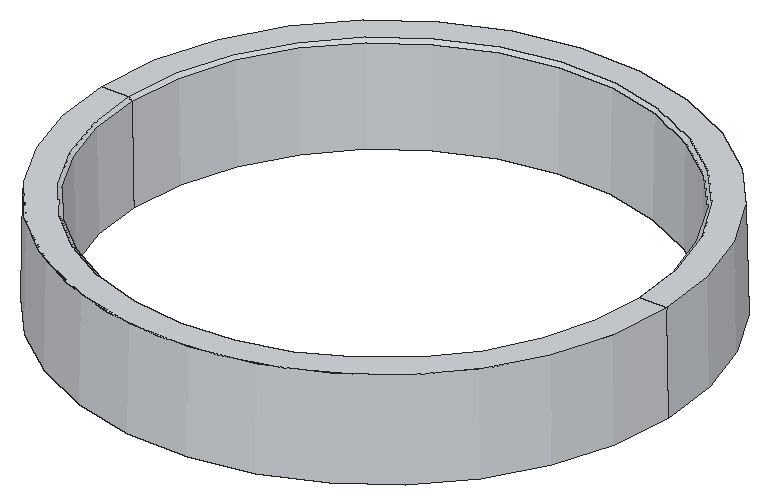
Revit family "Кольцо 1500х290 без замка КС 15.3", category Обобщенные модели, Revit 2023
Family settings
  Может служить основой для арматурных стержней = Нет
  Размер круглого соединителя = Использовать диаметр
  Тип детали = Нормальный
  На основе рабочей плоскости = Нет
  Всегда вертикально = Да
  При загрузке вырезать с полостями = Нет
  Сохранять ориентацию аннотаций = Нет
  Общий = Нет
  Точка принадлежности помещению = Нет
Parameters (values of type "Кольцо 1500х290 без замка КС 15.3")
  фаска = 10 mm
  толщ_на_h2_расч = (t1 - t2) / 2 * (h1 + h2) / ADSK_Размер_Высота + 10 mm  # 21.638 mm
  толщ_на_h1_расч = (t1 - t2) / 2 * h1 / ADSK_Размер_Высота + 10 mm  # 16.379 mm
  сужение_низ = 5 mm
  вырез2 = no
  вырез1 = no
  Отметка по умолчанию = 0 mm
  t2 = 90 mm
  t1 = 100 mm
  h2 = 305 mm
  h1 = 370 mm
  ADSK_Размер_Диаметр = 1500 mm
  ADSK_Размер_Высота = 290 mm
  ADSK_Масса = 351
Reference planes
  plane 1 "По центру (Вперед/Назад)": y = 0
  plane 2: z = 0
  plane 3 "По центру (Влево/Вправо)": x = 0
  plane 4: x = 750
  plane 5: x = -750
  plane 6: y = 750
  plane 7: y = -750
  plane 8: z = 290
  plane 9: x = -845
  plane 10: x = 845
  plane 11: y = 845
  plane 12: y = -845
  plane 13: y = 840
  plane 14: y = -840
  plane 15: x = -840
  plane 16: x = 840
  plane 17: z = 370
  plane 18: z = 675
  plane 19: y = 745
  plane 20: y = -745
  plane 21: x = -745
  plane 22: x = 745
  plane 23: x = -823.362
  plane 24: x = -828.621
  plane 25: x = 823.362
  plane 26: x = 828.621
  plane 27: x = -760
  plane 28: z = 280
Forms (mm)
  Revolve 1, solid
    sketch origin (0, 0, 0) x (1, 0, 0) y (0, 0, 1)
      loop
        line (-845, 0) -> (-745, 0) -> (-750, 280) -> (-760, 290) -> (-840, 290) -> (-845, 0)
      axis (0, 290) -> (0, 0)
    angle from 0 to 360
Dimensions and locks
  equal spacing: plane 5, plane 3 "По центру (Влево/Вправо)", plane 4
  equal spacing: plane 7, plane 1 "По центру (Вперед/Назад)", plane 6
  "ADSK_Размер_Диаметр": plane 5 to plane 4
  "ADSK_Размер_Диаметр": plane 7 to plane 6
  "t1": plane 9 to plane 21
  "t1": plane 22 to plane 10
  "t2": plane 6 to plane 13
  "t2": plane 14 to plane 7
  "t2": plane 15 to plane 5
  "t2": plane 4 to plane 16
  "h1": plane 17 to level
  "h2": plane 18 to plane 17
  "ADSK_Размер_Высота": plane 8 to level
  "сужение_низ": plane 5 to plane 21
  "сужение_низ": plane 22 to plane 4
  "сужение_низ": plane 19 to plane 6
  "сужение_низ": plane 7 to plane 20
  "t1": plane 12 to plane 20
  "t1": plane 19 to plane 11
  "толщ_на_h2_расч": plane 23 to plane 9
  "толщ_на_h1_расч": plane 24 to plane 9
  "толщ_на_h2_расч": plane 10 to plane 25
  "толщ_на_h1_расч": plane 10 to plane 26
  "фаска": plane 8 to plane 28
  "фаска": plane 5 to plane 27
  aligned and locked: level to plane 2
Automatic sketch dimensions
  Revolve 1 sketch curve to level = 0 mm
  Revolve 1 sketch curve to plane 9 = 0 mm
  Revolve 1 sketch curve to plane 8 = 0 mm
  Revolve 1 sketch curve to plane 15 = 0 mm
  Revolve 1 sketch curve to plane 27 = 0 mm
  Revolve 1 sketch curve to plane 5 = 0 mm
  Revolve 1 sketch curve to plane 21 = 0 mm
  Revolve 1 sketch curve to plane 28 = 0 mm
